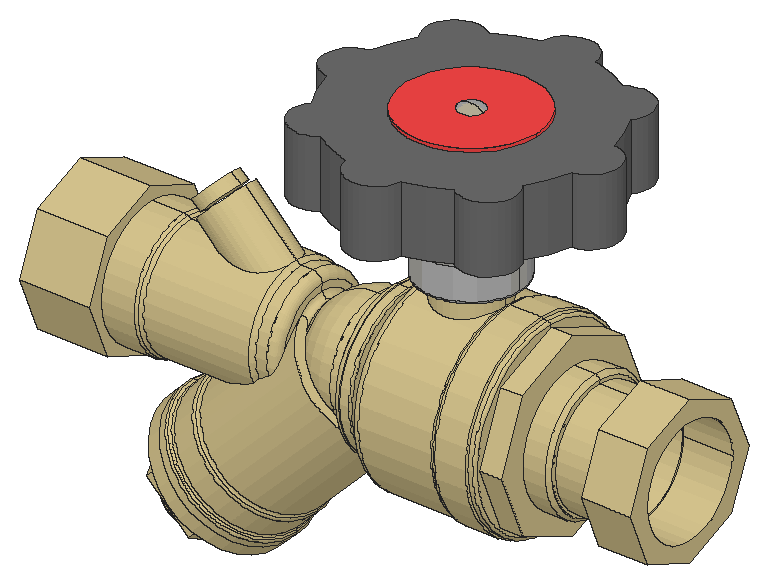
Revit family "QD36270000", category Apparecchi idraulici, Revit 2016
Family settings
  Tipo di parte = Normale
  Quota connettore circolare = Usa diametro
  Numero OmniClass = 23.45.00.00
  Titolo OmniClass = Sanitary, Laundry, and Cleaning Equipment
  Basato su piano di lavoro = No
  Sempre verticale = Sì
  Taglio con vuoti quando caricato = No
  Condiviso = No
  Punto di calcolo locali = No
Parameters
  URL = "https://web.cimberio.it/index.php/figura/1727?subcategoria_id=102"
  Produttore = "CIMBERIO SPA"
  Modello = "Cim 6624CRNL"
  DN Model [instance] = QD36272206 : QD36272206
  DN [instance] = 40 mm
Reference planes
  plane 1 "Centro (Fronte/Retro)": y = 0
  plane 2: z = 0
  plane 3 "Centro (Sinistra/Destra)": x = 0
Dimensions and locks
  aligned and locked: level to plane 2
Nested families
  nested 1: "QD36272206" at (0, 0, 0), type <- "DN Model", type "QD36272206"
    with DN 10 mm
  nested 2: "QD36272206" at (0, 0, 0), type <- "DN Model", type "QD36272206"
    with DN 10 mm
  nested 3: "QD36272206" at (0, 0, 0), type <- "DN Model", type "QD36272206"
    with DN 10 mm
  nested 4: "QD36272206" at (0, 0, 0), type <- "DN Model", type "QD36272206"
    with DN 10 mm
  nested 5: "QD36272206" at (0, 0, 0), type <- "DN Model", type "QD36272206"
    with DN 10 mm
  nested 6: "QD36272206" at (0, 0, 0), type <- "DN Model", type "QD36272206"
    with DN 10 mm
  nested 7: "QD36272206" at (0, 0, 0), type <- "DN Model", type "QD36272206"
    with DN 10 mm
  nested 8: "QD36272206" at (0, 0, 0), type <- "DN Model", type "QD36272206"
    with DN 10 mm
  nested 9: "QD36272206" at (0, 0, 0), type <- "DN Model", type "QD36272206"
    with DN 10 mm
  nested 10: "QD36272206" at (0, 0, 0), type <- "DN Model", type "QD36272206"
    with DN 10 mm
  nested 11: "QD36272206" at (0, 0, 0), type <- "DN Model", type "QD36272206"
    with DN 10 mm
Connectors
  piping at (82.05, 0, 0), diameter 40, driven by "DN"
    settings: on nested 1, index 1, connector inside diameter 609.6 mm, connector length 0 mm, flow factor 0, pipe flow 0.0 L/s, pressure drop 0.0 Pa, fitting loss kfactor 0, connector angle 0.00°, fixture units 0, engagement length 0 mm, angle of deflection 0.00°, flow configuration 0, flow direction 0, fitting loss method 0, system type 7, joint type 0, gender type 0, connector reference index -1, connector utility 0, adjustable connector no, is connector primary yes, connector description ""
  piping at (-146.5, 0, 0), diameter 40, driven by "DN"
    settings: on nested 1, index 2, connector inside diameter 609.6 mm, connector length 0 mm, flow factor 0, pipe flow 0.0 L/s, pressure drop 0.0 Pa, fitting loss kfactor 0, connector angle 0.00°, fixture units 0, engagement length 0 mm, angle of deflection 0.00°, flow configuration 0, flow direction 0, fitting loss method 0, system type 7, joint type 0, gender type 0, connector reference index -1, connector utility 0, adjustable connector no, is connector primary no, connector description ""
Definition of nested family "QD36272206"
  Parameters (values of type "QD36272206")
    DN [instance] = 10 mm  # constant formula
  Reference planes
    plane 1 "Centro (Fronte/Retro)": y = 0
    plane 2: z = 0
    plane 3 "Centro (Sinistra/Destra)": x = 0
  Forms (mm)
    Revolve 1, solid
      sketch origin (0, 0, 0) x (1, 0, 0) y (0, 0, 1)
        loop
          line (29.733, -20) -> (-27.267, -20) -> (-27.267, -28) -> (-23.752, -28)
          arc (-23.752, -28) -> (-22.795, -28.19) -> (-21.984, -28.732) r 2.5
          line (-21.984, -28.732) -> (-16.495, -34.221)
          arc (-16.495, -34.221) -> (-15.522, -34.872) -> (-14.374, -35.1) r 3
          line (-14.374, -35.1) -> (12.912, -35.1)
          arc (12.912, -35.1) -> (13.493, -35.217) -> (13.983, -35.55) r 1.5
          arc (13.983, -35.55) -> (14.474, -35.883) -> (15.055, -36) r 1.5
          line (15.055, -36) -> (26.49, -36) -> (26.733, -35.25) -> (28.733, -35.25)
          arc (28.733, -35.25) -> (29.44, -34.957) -> (29.733, -34.25) r 1
          line (29.733, -34.25) -> (29.733, -20)
        axis (29.733, 0) -> (-27.267, 0)
      angle from 0 to 360
    Revolve 2, solid
      sketch origin (0, 0, 0) x (1, 0, 0) y (0, 0, 1)
        loop
          line (-107.749, 23.55) -> (-120.258, 23.55) -> (-120.258, 12) -> (-27.267, 12) -> (-27.267, 28)
          arc (-27.267, 28) -> (-29.12, 27.178) -> (-29.754, 25.251) r 2.5
          arc (-29.754, 25.251) -> (-30.413, 23.322) -> (-32.267, 22.5) r 2.5
          line (-32.267, 22.5) -> (-35.017, 22.5)
          arc (-35.017, 22.5) -> (-43.627, 20.787) -> (-50.927, 15.91) r 22.5
          line (-50.927, 15.91) -> (-52.602, 14.234)
          arc (-52.602, 14.234) -> (-54.782, 13.8) -> (-56.017, 15.648) r 2
          line (-56.017, 15.648) -> (-56.017, 18)
          arc (-56.017, 18) -> (-57.042, 20.475) -> (-59.517, 21.5) r 3.5
          line (-59.517, 21.5) -> (-63.865, 21.5)
          arc (-63.865, 21.5) -> (-64.872, 21.881) -> (-65.717, 22.55) r 3.517
          line (-65.717, 22.55) -> (-105.103, 22.55)
          arc (-105.103, 22.55) -> (-105.81, 22.679) -> (-106.426, 23.05) r 2
          arc (-106.426, 23.05) -> (-107.042, 23.421) -> (-107.749, 23.55) r 2
        axis (-120.258, 0) -> (-27.267, 0)
      angle from 0 to 360
    Extrusion 3, solid
      sketch origin (-11, 0, 0) x (0, 0, 1) y (0, 1, 0)
        loop
          circle (0, 0) r 20
        loop
          line (28.5, 0) -> (20.153, 20.153) -> (0, 28.5) -> (-20.153, 20.153) -> (-28.5, 0) -> (-20.153, -20.153) -> (0, -28.5) -> (20.153, -20.153) -> (28.5, 0)
      from 109.258 to 135.5
    Extrusion 4, solid
      sketch origin (66.912, 0, 0) x (0, 0, 1) y (0, 1, 0)
        loop
          circle (0, 0) r 20
        loop
          line (33.5, 0) -> (23.688, 23.688) -> (0, 33.5) -> (-23.688, 23.688) -> (-33.5, 0) -> (-23.688, -23.688) -> (0, -33.5) -> (23.688, -23.688) -> (33.5, 0)
      from 28.689 to 37.179
    Revolve 5, solid
      sketch origin (0, 0, 0) x (1, 0, 0) y (0, 0, 1)
        loop
          line (63.534, 21.014) -> (48.233, 21.014) -> (48.233, 22.264) -> (46.739, 23.758) -> (38.224, 23.758) -> (38.224, 20) -> (63.534, 20) -> (63.534, 21.014)
        axis (38.224, 0) -> (63.534, 0)
      angle from 0 to 360
    Extrusion 6, solid
      sketch origin (0, 0, 0) x (0, 1, 0) y (0, 0, 1)
        loop
          circle (0, 0) r 20
        loop
          line (0, 27.5) -> (-19.445, 19.445) -> (-27.5, 0) -> (-19.445, -19.445) -> (0, -27.5) -> (19.445, -19.445) -> (27.5, 0) -> (19.445, 19.445) -> (0, 27.5)
      from 63.533 to 82.05
    Revolve 7, solid
      sketch origin (0, 0, 4.062) x (1, 0, 0) y (0, 0, 1)
        loop
          line (0, 40.384) -> (0, 25.384) -> (12.983, 25.384) -> (12.983, 40.384) -> (0, 40.384)
        axis (0, 40.384) -> (0, 25.384)
      angle from 0 to 360
    Extrusion 8, solid
      sketch origin (0, 0, 4.062) x (1, 0, 0) y (0, 0, 1)
        loop
          line (-8.5, 47.73) -> (-19.017, 47.73) -> (-19.017, 18.438) -> (-8.5, 18.438) -> (-8.5, 47.73)
      from -1.851 to 0
    Revolve 9, solid
      sketch origin (0, 0, 0) x (1, 0, 0) y (0, 0, 1)
        loop
          line (-91.916, 33.9) -> (-66.202, 8.185) -> (-58.777, 15.61) -> (-84.492, 41.324) -> (-91.916, 33.9)
        axis (-91.916, 33.9) -> (-66.202, 8.185)
      angle from 0 to 360
    Revolve 10, solid
      sketch origin (0, 0, 0) x (1, 0, 0) y (0, 0, 1)
        loop
          line (-91.873, -56.856) -> (-72.428, -76.302) -> (-68.246, -72.121) -> (-66.215, -70.089)
          arc (-66.215, -70.089) -> (-65.89, -69.603) -> (-65.776, -69.029) r 1.5
          line (-65.776, -69.029) -> (-65.776, -68.15)
          arc (-65.776, -68.15) -> (-65.662, -67.576) -> (-65.336, -67.089) r 1.5
          line (-65.336, -67.089) -> (-58.579, -60.332)
          arc (-58.579, -60.332) -> (-58.171, -59.741) -> (-57.998, -59.043) r 2
          arc (-57.998, -59.043) -> (-57.824, -58.346) -> (-57.416, -57.754) r 2
          line (-57.416, -57.754) -> (-21.984, -22.323) -> (-39.662, -4.645) -> (-91.873, -56.856)
        axis (-91.873, -56.856) -> (-39.662, -4.645)
      angle from 0 to 360
    Extrusion 11, solid
      sketch origin (-91.873, 0, -56.856) x (0, 1, 0) y (0.707107, 0, -0.707107)
        loop
          line (0, -21.95) -> (19.009, -10.975) -> (19.009, 10.975) -> (0, 21.95) -> (-19.009, 10.975) -> (-19.009, -10.975) -> (0, -21.95)
      from 0 to 9.587
    Revolve 12, solid
      sketch origin (0, 0, 0) x (1, 0, 0) y (0, 0, 1)
        loop
          arc (-99.712, -78.131) -> (-99.014, -78.424) -> (-98.311, -78.143) r 1
          line (-98.311, -78.143) -> (-91.81, -71.866)
          arc (-91.81, -71.866) -> (-91.107, -71.586) -> (-90.409, -71.878) r 1
          line (-90.409, -71.878) -> (-98.652, -63.635) -> (-106.43, -71.413) -> (-99.712, -78.131)
        axis (-106.43, -71.413) -> (-98.652, -63.635)
      angle from 0 to 360
    Extrusion 13, solid
      sketch origin (-91.916, 0, 33.9) x (0.707107, 0, 0.707107) y (0, 1, 0)
        loop
          circle (0, 0) r 8.5
      from 1 to 5.5
    Revolve 14, solid
      sketch origin (0, 0, 0) x (1, 0, 0) y (0, 0, 1)
        loop
          arc (17.917, 41.3) -> (18.274, 41.448) -> (18.422, 41.806) r 0.506
          line (18.422, 41.806) -> (18.422, 53.264)
          arc (18.422, 53.264) -> (18.664, 54.218) -> (19.216, 55.032) r 2.839
          line (19.216, 55.032) -> (34.883, 70.7) -> (0, 70.7) -> (0, 41.3) -> (17.917, 41.3)
        axis (0, 70.7) -> (0, 41.3)
      angle from 0 to 360
    Extrusion 15, solid
      sketch origin (0, 0, 28.55) x (1, 0, 0) y (0, 1, 0)
        loop
          arc (10.216, 45.876) -> (0, 55) -> (-10.216, 45.876) r 10.282
          arc (-10.216, 45.876) -> (-17.986, 43.422) -> (-25.215, 39.663) r 47
          arc (-25.215, 39.663) -> (-38.891, 38.891) -> (-39.663, 25.215) r 10.282
          arc (-39.663, 25.215) -> (-43.422, 17.986) -> (-45.876, 10.216) r 47
          arc (-45.876, 10.216) -> (-55, 0) -> (-45.876, -10.216) r 10.282
          arc (-45.876, -10.216) -> (-43.422, -17.986) -> (-39.663, -25.215) r 47
          arc (-39.663, -25.215) -> (-38.891, -38.891) -> (-25.215, -39.663) r 10.282
          arc (-25.215, -39.663) -> (-17.986, -43.422) -> (-10.216, -45.876) r 47
          arc (-10.216, -45.876) -> (0, -55) -> (10.216, -45.876) r 10.282
          arc (10.216, -45.876) -> (17.986, -43.422) -> (25.215, -39.663) r 47
          arc (25.215, -39.663) -> (38.891, -38.891) -> (39.663, -25.215) r 10.282
          arc (39.663, -25.215) -> (43.422, -17.986) -> (45.876, -10.216) r 47
          arc (45.876, -10.216) -> (55, 0) -> (45.876, 10.216) r 10.282
          arc (45.876, 10.216) -> (43.422, 17.986) -> (39.663, 25.215) r 47
          arc (39.663, 25.215) -> (38.891, 38.891) -> (25.215, 39.663) r 10.282
          arc (25.215, 39.663) -> (17.986, 43.422) -> (10.216, 45.876) r 47
      from 42.15 to 67.15
    Extrusion 16, solid
      sketch origin (0, 0, 28.55) x (1, 0, 0) y (0, 1, 0)
        loop
          circle (0, 0) r 24.5
      from 67.15 to 68.35
    Revolve 17, solid
      sketch origin (0, 0, 0) x (1, 0, 0) y (0, 0, 1)
        loop
          line (0, 96.9) -> (4.614, 96.9)
          arc (4.614, 96.9) -> (2.441, 98.086) -> (0, 98.5) r 7.5
          line (0, 98.5) -> (0, 96.9)
        axis (0, 98.5) -> (0, 96.9)
      angle from 0 to 360
  Dimensions and locks
    aligned and locked: level to plane 2
